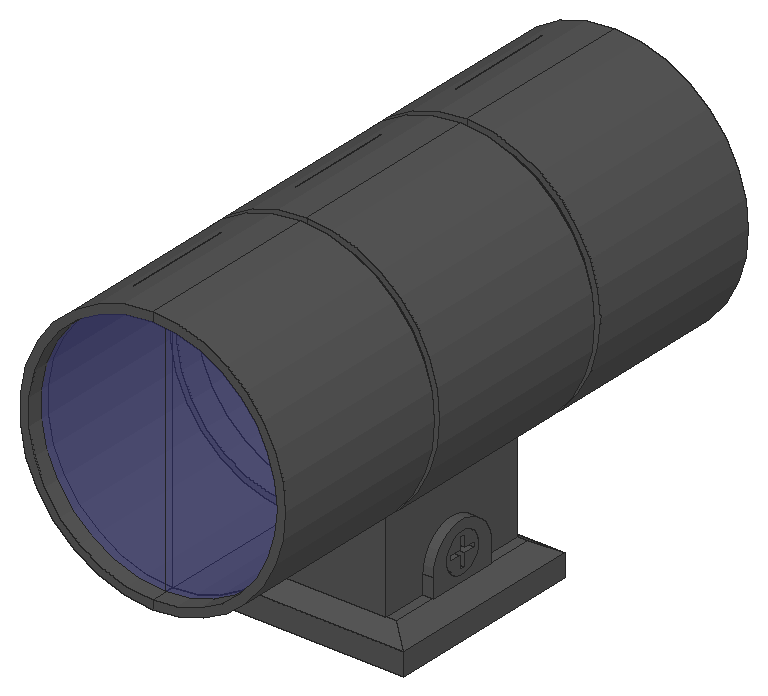
Revit family "CARLO CYLINDER LIGHT WALL MOUNT", category Lighting Fixtures, host Face, Revit 2020 (continued)
Parameters (values of type "CCL6-13-35SPSW8-PC-25-WM-BK")
    .82202 0.78651 0.7498 0.7137 0.68078 0.64814 0.61317 0.57765 0.54244 \r\n 0.50763 0.47362 0.44035 0.40918 0.37626 0.33546 0.29563 0.30575 0.32427 0.318 \r\n 0.31078 0.32247 0.33184 0.31101 0.29971 0.34874 0.39696 0.42587 0.45112 0.48497 \r\n 0.52013 0.55193 0.58477 0.6234 0.66208 0.69486 0.72707 0.76303 0.79988 0.83587 \r\n 0.87201 0.90887 0.94605 0.98331 1.0207 1.0579 1.0956 1.1344 1.1733 1.2108 \r\n 1.2484 1.287 1.3277 1.3727 1.4233 1.4827 1.548 1.6177 1.6905 1.7631 \r\n 1.8405 1.9277 2.0208 2.115 2.2188 2.3399 2.4762 2.6266 2.7963 2.9876 \r\n 3.2069 3.4643 3.7503 4.0482 4.3902 4.8072 5.2855 5.8124 6.4165 7.1433 \r\n 7.9288 8.7068 9.5296 10.446 11.401 12.343 13.312 14.345 15.413 16.498 \r\n 17.604 18.704 19.878 21.214 22.665 24.166 25.847 27.729 30.077 33.262 \r\n 36.993 39.685 45.599 60.036 78.3 97.234 117.53 138.02 161.1 189.79 \r\n 220.96 252.73 284.48 314.92 344.18 372.36 398.18 420.6 439.06 452.13 \r\n 461.34 467 471.26 477.09 482.3 485.14 487.35 490.34 493.38 496.11 \r\n 498.86 501.86 504.98 508.19 511.43 514.63 517.77 520.74 523.77 527.15 \r\n 530.56 533.68 536.79 540.06 543.55 547.31 551.56 556.47 562.28 569.11 \r\n 577.49 588.01 600.53 614.87 631.75 651.64 675.22 702.83 735.96 774.44 \r\n 823.48 891.88 968.69 1044.6 1123.5 1202.1 1293.1 1411 1547.1 1698 \r\n 1863.2 2041.3 2232.1 2437.7 2650.7 2863.6 3078 3293.3 3508.1 3722.5 \r\n 3931.9 4131.6 4321.5 4500.7 4667.6 4819.6 4959.3 5090.6 5207.7 5305.7 \r\n 5386.7 5449.8 5498.9 5538.2 5566.4 5583.3 5589 5583.1 5566.4 5540 \r\n 5509.6 \r\n5444.5 5549.8 5578 5594.7 5600.1 5594.6 5577.4 5547.1 5506.2 5458.8 \r\n 5399.3 5323.9 5231 5115.1 4984 4844.8 4693.9 4530 4353.9 4165.6 \r\n 3966.8 3758.6 3544.1 3325.8 3106.7 2890.8 2678.3 2469.9 2268.4 2076.7 \r\n 1895.5 1725 1569.2 1430.7 1312.9 1226.5 1152.1 1072.2 992.5 908.38 \r\n 832.86 781.38 742.04 707.84 679.47 655.44 635.24 617.93 603.27 590.68 \r\n 580.12 571.45 564.34 558.56 553.74 549.47 545.68 542.23 538.98 535.75 \r\n 532.53 529.14 525.82 522.82 519.97 517.25 514.47 511.36 508.19 505.13 \r\n 502.12 499.17 496.19 493.03 489.88 487.3 484.12 478.92 473.05 468.22 \r\n 461.85 452.18 438.53 418.97 395.41 368.79 340.13 310.99 280.68 248.36 \r\n 216.11 184.98 157.24 137.15 119.76 101.12 82.51 62.08 45.285 39.28 \r\n 37.126 33.701 30.704 28.146 25.979 24.224 22.696 21.173 19.787 18.656 \r\n 17.606 16.469 15.347 14.299 13.294 12.322 11.377 10.436 9.5366 8.7188 \r\n 7.9431 7.1639 6.4395 5.8237 5.2852 4.8116 4.4003 4.052 3.7445 3.4504 \r\n 3.1864 2.9634 2.772 2.6091 2.4663 2.3333 2.2134 2.1084 2.0125 1.9189 \r\n 1.8319 1.7552 1.6834 1.6119 1.5434 1.4788 1.4193 1.366 1.3192 1.2822 \r\n 1.2468 1.2068 1.1668 1.1304 1.0945 1.0565 1.0184 0.98211 0.94627 0.9102 \r\n 0.87414 0.83807 0.80201 0.76543 0.72988 0.69786 0.66585 0.63035 0.59383 0.55752 \r\n 0.5217 0.48736 0.45352 0.42045 0.3854 0.34343 0.30249 0.31377 0.33393 0.32923 \r\n 0.32209 0.32923 0.33393 0.31377 0.30249 0.34343 0.3854 0.42045 0.45352 0.48736 \r\n 0.5217 0.55752 0.59383 0.63035 0.66585 0.69786 0.72988 0.76543 0.80201 0.83807 \r\n 0.87414 0.9102 0.94627 0.98211 1.0184 1.0565 1.0945 1.1304 1.1668 1.2068 \r\n 1.2468 1.2822 1.3192 1.366 1.4193 1.4788 1.5434 1.6119 1.6834 1.7552 \r\n 1.8319 1.9189 2.0125 2.1084 2.2134 2.3333 2.4663 2.6091 2.772 2.9634 \r\n 3.1864 3.4504 3.7445 4.052 4.4003 4.8116 5.2852 5.8237 6.4395 7.1639 \r\n 7.9431 8.7188 9.5366 10.436 11.377 12.322 13.294 14.299 15.347 16.469 \r\n 17.606 18.656 19.787 21.173 22.696 24.224 25.979 28.146 30.704 33.701 \r\n 37.126 39.28 45.285 62.08 82.51 101.12 119.76 137.15 157.24 184.98 \r\n 216.11 248.36 280.68 310.99 340.13 368.79 395.41 418.97 438.53 452.18 \r\n 461.85 468.22 473.05 478.92 484.12 487.3 489.88 493.03 496.19 499.17 \r\n 502.12 505.13 508.19 511.36 514.47 517.25 519.97 522.82 525.82 529.14 \r\n 532.53 535.75 538.98 542.23 545.68 549.47 553.74 558.56 564.34 571.45 \r\n 580.12 590.68 603.27 617.93 635.24 655.44 679.47 707.84 742.04 781.38 \r\n 832.86 908.38 992.5 1072.2 1152.1 1226.5 1312.9 1430.7 1569.2 1725 \r\n 1895.5 2076.7 2268.4 2469.9 2678.3 2890.8 3106.7 3325.8 3544.1 3758.6 \r\n 3966.8 4165.6 4353.9 4530 4693.9 4844.8 4984 5115.1 5231 5323.9 \r\n 5399.3 5458.8 5506.2 5547.1 5577.4 5594.6 5600.1 5594.7 5578 5549.8 \r\n 5509.6 \r\n5444.5 5540 5566.4 5583.1 5589 5583.3 5566.4 5538.2 5498.9 5449.8 \r\n 5386.7 5305.7 5207.7 5090.6 4959.3 4819.6 4667.6 4500.7 4321.5 4131.6 \r\n 3931.9 3722.5 3508.1 3293.3 3078 2863.6 2650.7 2437.7 2232.1 2041.3 \r\n 1863.2 1697.9 1547.1 1411 1293.1 1202.1 1123.5 1044.6 968.69 891.88 \r\n 823.48 774.44 735.96 702.83 675.22 651.64 631.75 614.87 600.53 588.01 \r\n 577.49 569.11 562.28 556.47 551.56 547.31 543.55 540.06 536.79 533.68 \r\n 530.56 527.15 523.77 520.74 517.77 514.63 511.43 508.19 504.98 501.86 \r\n 498.86 496.11 493.38 490.34 487.35 485.14 482.3 477.09 471.26 467 \r\n 461.34 452.13 439.06 420.6 398.18 372.36 344.18 314.92 284.48 252.73 \r\n 220.97 189.79 161.1 138.02 117.53 97.234 78.3 60.036 45.599 39.685 \r\n 36.993 33.262 30.077 27.729 25.847 24.166 22.665 21.214 19.878 18.704 \r\n 17.604 16.498 15.413 14.345 13.312 12.343 11.401 10.446 9.5296 8.7068 \r\n 7.9288 7.1433 6.4165 5.8124 5.2855 4.8072 4.3902 4.0482 3.7503 3.4643 \r\n 3.2069 2.9876 2.7963 2.6266 2.4762 2.3399 2.2188 2.115 2.0208 1.9277 \r\n 1.8405 1.7631 1.6905 1.6177 1.548 1.4827 1.4233 1.3727 1.3277 1.287 \r\n 1.2484 1.2108 1.1733 1.1344 1.0956 1.0579 1.0207 0.98331 0.94605 0.90887 \r\n 0.87201 0.83587 0.79988 0.76303 0.72707 0.69486 0.66208 0.6234 0.58477 0.55193 \r\n 0.52013 0.48497 0.45112 0.42587 0.39696 0.34874 0.29971 0.31101 0.33184 0.32247 \r\n 0.31078 0.318 0.32427 0.30575 0.29563 0.33546 0.37626 0.40918 0.44035 0.47362 \r\n 0.50763 0.54244 0.57765 0.61317 0.64814 0.68078 0.7137 0.7498 0.78651 0.82202 \r\n 0.85706 0.89125 0.92607 0.96382 1.0017 1.0367 1.0715 1.108 1.1466 1.1895 \r\n 1.2334 1.274 1.3163 1.3644 1.4174 1.4759 1.5388 1.6054 1.6753 1.7465 \r\n 1.8232 1.9098 2.003 2.0992 2.2045 2.3239 2.4566 2.6004 2.7645 2.9555 \r\n 3.1784 3.444 3.7416 4.0553 4.4107 4.8292 5.3072 5.8424 6.4515 7.1677 \r\n 7.9385 8.7098 9.5198 10.396 11.317 12.27 13.25 14.237 15.261 16.357 \r\n 17.476 18.526 19.66 21.045 22.55 24.003 25.698 27.892 30.521 33.643 \r\n 37.142 39.533 44.991 58.463 76.143 96.339 117.65 136.63 157.76 185.7 \r\n 216.53 248.1 279.73 309.85 339 367.76 394.44 417.77 437.06 450.63 \r\n 460.11 465.84 469.97 475.38 480.25 483.33 485.84 488.69 491.59 494.57 \r\n 497.57 500.5 503.46 506.64 509.77 512.56 515.32 518.31 521.43 524.69 \r\n 528.02 531.33 534.74 538.33 542.17 546.27 550.87 556.14 562.39 569.85 \r\n 578.85 589.74 602.74 618.06 636.14 657.17 682.11 711.41 746.7 787.71 \r\n 840.53 916.21 999.6 1076 1155.2 1238.8 1336.3 1459.5 1601.9 1761.5 \r\n 1935.2 2119.9 2314.2 2515.9 2724.2 2938.8 3155.9 3372.2 3586.4 3797.3 \r\n 4001.4 4194.8 4377 4546.4 4704 4850.4 4985.3 5110.1 5219.5 5306.6 \r\n 5377.8 5437.4 5485.7 5524.9 5553 5567.7 5571.1 5564.9 5547.8 5519.2 \r\n 5509.6 \r\n5444.5 5531 5555.3 5571.3 5577.2 5570.8 5553.3 5526.1 5487 5435.3 \r\n 5368.2 5281.6 5178.5 5059.5 4927.3 4786 4632.1 4462 4279.8 4088.1 \r\n 3887.3 3676.8 3462.4 3250.4 3038.2 2825.4 2612.8 2397.5 2189.9 2000.9 \r\n 1826.6 1666.5 1520.7 1387.9 1271.2 1176.9 1095 1017.4 945.39 875.26 \r\n 813.34 766.72 729.27 697.31 670.54 647.56 628.12 611.73 597.8 585.46 \r\n 575.08 566.98 560.38 554.57 549.61 545.37 541.63 538.1 534.81 531.75 \r\n 528.68 525.26 521.84 518.79 515.72 512.27 508.76 505.42 502.18 499.02 \r\n 496.04 493.45 490.91 487.99 485.14 483.18 480.57 475.39 469.65 465.79 \r\n 460.56 451.5 438.66 420.9 399.25 373.98 346.14 316.72 286.12 254.85 \r\n 223.5 192.32 162.94 137.63 114.8 93.209 74.074 57.821 45.543 39.753 \r\n 36.63 32.714 29.438 27.28 25.636 24.023 22.551 21.165 19.872 18.669 \r\n 17.534 16.453 15.399 14.317 13.264 12.298 11.362 10.399 9.4733 8.6497 \r\n 7.8739 7.0895 6.3671 5.7772 5.2636 4.7857 4.3676 4.0322 3.7428 3.4652 \r\n 3.2152 3.0004 2.8104 2.6368 2.4814 2.3434 2.2222 2.1196 2.0271 1.9348 \r\n 1.8479 1.7702 1.6968 1.6235 1.5533 1.4877 1.4283 1.3796 1.3347 1.291 \r\n 1.2499 1.214 1.1785 1.1376 1.0963 1.0591 1.0225 0.98421 0.94577 0.90781 \r\n 0.87041 0.8342 0.79828 0.76135 0.72519 0.69266 0.65925 0.61877 0.57918 0.549 \r\n 0.52029 0.48534 0.45198 0.43138 0.40578 0.3531 0.29826 0.30718 0.32615 0.3135 \r\n 0.29913 0.30615 0.31332 0.29637 0.28742 0.32609 0.36569 0.39688 0.42654 0.45928 \r\n 0.49292 0.52679 0.56102 0.59577 0.63035 0.66348 0.69708 0.73347 0.77018 0.80526 \r\n 0.83953 0.87233 0.90621 0.94534 0.98427 1.0171 1.0494 1.0864 1.1268 1.1717 \r\n 1.2185 1.2636 1.31 1.3592 1.412 1.4696 1.5313 1.5965 1.6652 1.7362 \r\n 1.8128 1.8992 1.9924 2.089 2.1946 2.3135 2.4459 2.5907 2.7557 2.9463 \r\n 3.1688 3.435 3.7341 4.0518 4.4119 4.836 5.3174 5.8498 6.4527 7.1601 \r\n 7.9218 8.6885 9.4911 10.346 11.248 12.207 13.192 14.165 15.167 16.242 \r\n 17.344 18.398 19.538 20.919 22.407 23.802 25.455 27.689 30.387 33.602 \r\n 37.149 39.758 44.746 55.341 70.543 91.738 115 135.28 157.33 185.41 \r\n 215.95 246.9 277.91 307.85 336.99 365.84 392.6 415.83 435.02 448.71 \r\n 458.21 463.51 467.12 472.14 476.74 479.77 482.27 484.9 487.6 490.59 \r\n 493.64 496.52 499.43 502.62 505.79 508.6 511.4 514.51 517.71 520.91 \r\n 524.19 527.57 531.15 535.01 539.16 543.52 548.41 554.07 560.71 568.48 \r\n 577.79 588.98 602.36 618.25 637.01 658.78 684.52 714.66 750.92 793.44 \r\n 847.42 922.93 1005.5 1079.6 1158.7 1250.4 1357.2 1485.3 1631 1793.8 \r\n 1970.6 2158.3 2354.9 2556.8 2764.8 2980.6 3198.2 3412.1 3622.9 3830.7 \r\n 4031.1 4219.8 4397 4560.8 4712.9 4855.5 4986.4 5105.8 5209.6 5291.8 \r\n 5359.5 5419.1 5467.9 5505.8 5532 5544.7 5546.5 5539.7 5522.5 5493.5 \r\n 5509.6 \r\n5444.5 5522.8 5544.7 5559.5 5564.5 5556.9 5538.3 5510.6 5470.4 5415.3 \r\n 5343.6 5251.6 5143.5 5022 4887.9 4744.1 4587.3 4414 4228.8 4035.2 \r\n 3833 3621.6 3407.2 3197 2987.2 2776.2 2564.8 2349.1 2141.6 1955.6 \r\n 1785.5 1630.7 1490 1361.4 1247.2 1150.8 1066.7 990.9 922.61 858.53 \r\n 802.42 758.22 721.98 691.26 665.45 643.2 624.35 608.52 595.06 583.03 \r\n 572.88 565.05 558.65 552.88 547.89 543.67 539.94 536.37 533.02 529.97 \r\n 526.91 523.47 520.03 516.96 513.83 510.17 506.46 503.05 499.8 496.62 \r\n 493.65 491.18 488.79 485.98 483.24 481.41 478.93 473.84 468.21 464.58 \r\n 459.52 450.3 437.32 419.87 398.62 373.66 346 316.38 285.61 254.7 \r\n 223.73 192.59 162.78 135.97 111.57 89.044 69.833 55.434 45.116 39.485 \r\n 36.036 32.059 28.786 26.8 25.346 23.797 22.355 21.024 19.77 18.552 \r\n 17.395 16.335 15.303 14.214 13.15 12.188 11.259 10.295 9.3675 8.5476 \r\n 7.7783 7.0024 6.2913 5.7179 5.2195 4.7472 4.3326 4.0039 3.7221 3.4532 \r\n 3.2111 3.0017 2.8145 2.6396 2.4819 2.344 2.2236 2.1224 2.0313 1.9402 \r\n 1.8542 1.7762 1.7024 1.6292 1.5592 1.4937 1.4344 1.3851 1.3401 1.2943 \r\n 1.2514 1.2166 1.1822 1.1398 1.0969 1.0599 1.0238 0.98481 0.94544 0.90701 \r\n 0.86935 0.83309 0.79721 0.76039 0.72423 0.69126 0.65737 0.61647 0.57707 0.54873 \r\n 0.52218 0.48847 0.45609 0.43699 0.41184 0.35649 0.29814 0.30226 0.31688 0.30231 \r\n 0.28714 0.2937 0.30107 0.2856 0.27788 0.31532 0.35369 0.38354 0.41208 0.44432 \r\n 0.47756 0.51056 0.54394 0.57815 0.6125 0.64598 0.68001 0.71644 0.753 0.78777 \r\n 0.82155 0.85343 0.88668 0.92665 0.96623 0.9975 1.0283 1.0657 1.1072 1.1535 \r\n 1.2021 1.2506 1.3002 1.3504 1.4031 1.4601 1.5208 1.5852 1.6533 1.7241 \r\n 1.8009 1.8873 1.9806 2.0777 2.1837 2.3021 2.4341 2.5797 2.7455 2.9357 \r\n 3.1576 3.4231 3.7222 4.0415 4.4041 4.832 5.3157 5.8456 6.4429 7.1411 \r\n 7.8931 8.6549 9.4505 10.286 11.171 12.133 13.122 14.082 15.067 16.123 \r\n 17.212 18.273 19.421 20.796 22.267 23.621 25.25 27.534 30.301 33.578 \r\n 37.148 39.954 44.549 52.712 65.71 87.316 111.8 133.11 155.96 184.12 \r\n 214.37 244.78 275.24 304.99 334.11 363.03 389.9 413.16 432.41 446.41 \r\n 456.15 461.23 464.49 469.2 473.56 476.61 479.15 481.65 484.21 487.23 \r\n 490.33 493.19 496.09 499.31 502.52 505.37 508.22 511.4 514.67 517.81 \r\n 521.04 524.49 528.19 532.27 536.66 541.23 546.36 552.33 559.29 567.35 \r\n 576.94 588.42 602.14 618.52 637.85 660.25 686.7 717.58 754.7 798.56 \r\n 853.52 928.54 1010.3 1083 1162.8 1261.3 1375.8 1507.8 1656.4 1822.2 \r\n 2001.4 2191.9 2390.4 2592.4 2800 3016.1 3233.6 3445.5 3653.5 3858.6 \r\n 4055.9 4240.8 4413.8 4573 4720.8 4860 4987.5 5102.2 5201.4 5279.5 \r\n 5344.4 5403.7 5452.9 5489.8 5514.5 5525.8 5526.3 5519.3 5502 5472.7 \r\n 5509.6 \r\n5444.5 5515.3 5534.7 5547.6 5550.9 5541.6 5521.3 5491.9 5449.3 5389.8 \r\n 5313.1 5215.6 5102.5 4977.9 4841.2 4693.7 4533.4 4356.7 4168.6 3972.8 \r\n 3769.2 3556.8 3342.2 3133.2 2925.1 2716 2506.6 2292.6 2087.4 1905.4 \r\n 1740.1 1590.5 1455 1331.6 1221 1123.8 1038.6 964.93 900.34 841.69 \r\n 790.73 748.94 714.08 684.69 659.94 638.56 620.43 605.24 592.32 580.71 \r\n 570.89 563.32 557.08 551.37 546.4 542.2 538.46 534.84 531.44 528.33 \r\n 525.23 521.79 518.34 515.27 512.11 508.34 504.52 501.09 497.84 494.65 \r\n 491.71 489.31 487.01 484.31 481.66 479.83 477.37 472.43 466.94 463.37 \r\n 458.21 448.51 435.06 417.51 396.28 371.4 343.77 313.9 282.93 252.3 \r\n 221.65 190.59 160.6 133.05 107.84 84.738 65.576 52.875 44.319 38.88 \r\n 35.211 31.294 28.123 26.288 24.977 23.487 22.077 20.792 19.571 18.352 \r\n 17.188 16.144 15.128 14.037 12.968 12.013 11.092 10.133 9.2124 8.4006 \r\n 7.6421 6.8822 6.1891 5.6346 5.1532 4.6918 4.2852 3.9632 3.6881 3.4283 \r\n 3.1948 2.9916 2.8086 2.6349 2.4777 2.3415 2.223 2.1232 2.0334 1.9441 \r\n 1.8594 1.7813 1.7073 1.6348 1.5658 1.5008 1.4414 1.3906 1.3439 1.2968 \r\n 1.2528 1.2184 1.1846 1.1411 1.0971 1.0604 1.0247 0.98511 0.94506 0.90647 \r\n 0.86881 0.83251 0.79668 0.76016 0.72419 0.69066 0.65643 0.61649 0.57843 0.55113 \r\n 0.52579 0.49435 0.46345 0.44269 0.41515 0.35892 0.29934 0.29627 0.30402 0.28891 \r\n 0.27481 0.28063 0.28753 0.27347 0.26699 0.30315 0.34027 0.36917 0.39699 0.42877 \r\n 0.46156 0.49376 0.52641 0.5603 0.59458 0.62826 0.66249 0.69872 0.73498 0.76957 \r\n 0.80313 0.83456 0.86747 0.90776 0.94755 0.97803 1.008 1.0458 1.088 1.1347 \r\n 1.1843 1.2351 1.2869 1.338 1.3908 1.4473 1.5074 1.5714 1.6393 1.7104 \r\n 1.7875 1.874 1.9676 2.0653 2.1717 2.2897 2.4212 2.5675 2.734 2.9239 \r\n 3.1448 3.4084 3.7058 4.0244 4.3872 4.8172 5.3021 5.83 6.4223 7.1108 \r\n 7.8524 8.6091 9.398 10.217 11.086 12.048 13.038 13.989 14.961 16.001 \r\n 17.08 18.151 19.309 20.675 22.132 23.46 25.084 27.429 30.265 33.57 \r\n 37.137 40.121 44.401 50.577 61.644 83.072 108.04 130.11 153.65 181.83 \r\n 211.79 241.72 271.7 301.27 330.34 359.32 386.34 409.74 429.23 443.75 \r\n 453.93 459.01 462.08 466.56 470.74 473.85 476.5 478.94 481.44 484.48 \r\n 487.63 490.51 493.44 496.7 499.97 502.87 505.76 509 512.29 515.38 \r\n 518.57 522.07 525.88 530.09 534.65 539.4 544.73 550.93 558.15 566.45 \r\n 576.3 588.04 602.08 618.86 638.66 661.6 688.64 720.16 758.04 803.08 \r\n 858.82 933.04 1013.9 1086.3 1167.4 1271.4 1391.9 1527.3 1678.2 1846.4 \r\n 2027.9 2220.6 2420.8 2622.8 2829.8 3045.4 3262 3472.4 3678.4 3881.1 \r\n 4075.8 4257.7 4427.5 4583.2 4727.6 4863.9 4988.4 5099.4 5194.9 5269.8 \r\n 5332.3 5391.4 5440.7 5476.8 5500.6 5510.8 5510.5 5503.4 5486.3 5456.9 \r\n 5509.6 \r\n5444.5 5509.2 5525.7 5535.7 5536.4 5524.8 5501.9 5468.9 5421.7 5356.5 \r\n 5273.8 5170.9 5052.8 4924.2 4783.4 4630.6 4465.1 4284.9 4094 3895.5 \r\n 3689.9 3476.5 3261.6 3052.3 2844.9 2637.7 2431.4 2222.2 2022.8 1846.4 \r\n 1686.9 1542.6 1412.6 1296.2 1191.4 1095.1 1010 939.05 878.21 824.22 \r\n 777.64 738.31 705.12 677.22 653.72 633.45 616.27 601.87 589.62 578.65 \r\n 569.33 561.98 555.86 550.25 545.34 541.16 537.39 533.72 530.22 526.96 \r\n 523.73 520.28 516.87 513.8 510.66 506.95 503.17 499.77 496.54 493.36 \r\n 490.43 488.02 485.73 483.12 480.53 478.5 475.88 471.18 465.91 462.27 \r\n 456.74 446.12 431.66 413.42 391.7 366.57 338.76 308.54 277.33 246.83 \r\n 216.41 185.5 155.69 128.52 103.63 80.251 61.108 49.942 42.971 37.76 \r\n 33.996 30.333 27.425 25.722 24.488 23.052 21.677 20.424 19.228 18.03 \r\n 16.882 15.845 14.833 13.749 12.688 11.74 10.83 9.8863 8.9828 8.1841 \r\n 7.4419 6.7096 6.0458 5.5144 5.0534 4.6112 4.2199 3.9044 3.6339 3.3838 \r\n 3.1603 2.9648 2.7885 2.6204 2.468 2.3364 2.2214 2.1231 2.0344 1.9476 \r\n 1.8652 1.7871 1.7131 1.6427 1.5759 1.512 1.4527 1.4004 1.3519 1.3036 \r\n 1.2589 1.2229 1.1874 1.1428 1.0981 1.0617 1.0263 0.98615 0.94561 0.90743 \r\n 0.8703 0.83394 0.7981 0.76234 0.72692 0.69215 0.65744 0.62108 0.5867 0.55883 \r\n 0.53307 0.50679 0.47926 0.45102 0.41568 0.36217 0.30569 0.29014 0.28557 0.27266 \r
